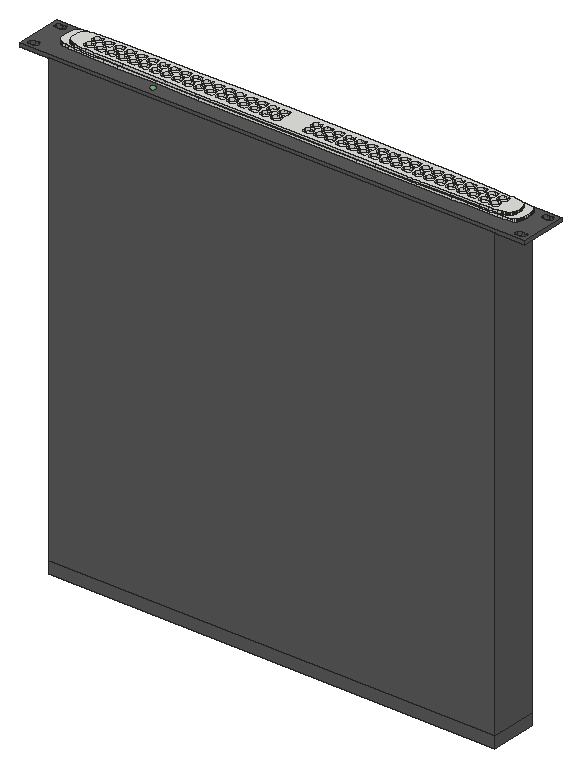
Revit family "Electronics_Messaging-Processors_Biamp_Vocia_Text-to-Speech-Engine_TTS-1__", category Communication Devices, host Face, Revit 2020 (continued)
Forms (in)
  Extrusion 5, solid, material "Biamp - Metal - Black" <- "Housing Material"
    sketch origin (9.17118, -0.875, -17.38189) x (0, 1, 0) y (-1, 0, 0)
      loop
        line (0.86056, 1.36593) -> (0.86056, 1.85805) -> (0.65584, 1.85805) -> (0.65584, 1.36593) -> (0.86056, 1.36593)
      loop
        line (0.52593, 1.85805) -> (0.3212, 1.85805) -> (0.3212, 1.36593) -> (0.52593, 1.36593) -> (0.52593, 1.85805)
      loop
        line (0.52593, 2.11396) -> (0.52593, 2.60609) -> (0.3212, 2.60609) -> (0.3212, 2.11396) -> (0.52593, 2.11396)
      loop
        line (0.65584, 2.60609) -> (0.65584, 2.11396) -> (0.86056, 2.11396) -> (0.86056, 2.60609) -> (0.65584, 2.60609)
      loop
        arc (0.20388, 3.86064) -> (0.22136, 3.81116) -> (0.26605, 3.78366) r 0.07874
        line (0.26605, 3.78366) -> (0.47471, 3.73877)
        arc (0.47471, 3.73877) -> (0.54074, 3.75449) -> (0.57001, 3.81574) r 0.07873
        line (0.57001, 3.81574) -> (0.57001, 4.32949)
        arc (0.57001, 4.32949) -> (0.54074, 4.39074) -> (0.47471, 4.40647) r 0.07873
        line (0.47471, 4.40647) -> (0.26605, 4.36157)
        arc (0.26605, 4.36157) -> (0.21992, 4.33229) -> (0.20388, 4.28005) r 0.07889
        line (0.20388, 4.28005) -> (0.20388, 3.86064)
    from 0.41339 to 0
  Revolve 6, solid, material "Biamp - Plastic - Green", detail levels fine
    sketch origin (4.50753, -0.875, 0.11811) x (1, 0, 0) y (0, 1, 0)
      loop
        line (-0.0101, 0.3288) -> (-0.16758, 0.3288)
        arc (-0.16758, 0.3288) -> (-0.08884, 0.25006) -> (-0.0101, 0.3288) r 0.07874
      axis (-0.16758, 0.3288) -> (-0.0101, 0.3288)
    angle from 180 to 360
Lines and regions (in)
  Masking region 1
    outline origin (0, 0, 0) x (1, 0, 0) y (0, 0, 1)
      loop
        line (0.76784, -17.38189) -> (17.55918, -17.38189) -> (17.55918, 0) -> (18.67118, 0) -> (18.67118, 0.11811) -> (17.86415, 0.11811) -> (17.86415, 0.19685) -> (17.54739, 0.19685) -> (17.54739, 0.27559) -> (0.79497, 0.27559) -> (0.79497, 0.19685) -> (0.47508, 0.19685) -> (0.47508, 0.11811) -> (-0.32882, 0.11811) -> (-0.32882, 0) -> (0.76784, 0) -> (0.76784, -17.38189)
  symbolic lines
    curve 1: line (-0.32882, 0, 0) -> (18.67118, 0, 0)
    curve 2: line (18.67118, 0, 0.11811) -> (-0.32882, 0, 0.11811)
    curve 3: line (17.86415, 0, 0.19685) -> (0.47508, 0, 0.19685)
    curve 4: line (17.55918, 0, -16.9685) -> (0.76784, 0, -16.9685)
Dimensions and locks (in)
  aligned and locked: plane 2 to host face
  aligned and locked: level to host face
  aligned and locked: Extrusion 2 to Extrusion 1
Automatic sketch dimensions
  host sketch curve to host sketch curve = 96.00"  (x2)
  level to Extrusion 1 sketch curve = 0.00"
  Extrusion 1 sketch curve to level = 16.9685"
  Extrusion 2 sketch curve to Extrusion 2 sketch curve = 0.12953"  (x10)
  Extrusion 2 sketch curve to Extrusion 2 sketch curve = 0.00"  (x8)
  Extrusion 2 sketch curve to Extrusion 2 sketch curve = 0.13874"  (x4)
  plane 1 "Center (Front/Back)" to Extrusion 2 sketch curve = 0.875"
  Extrusion 2 sketch curve to Extrusion 2 sketch curve = 0.11877"  (x2)
  Extrusion 2 sketch curve to Extrusion 2 sketch curve = 0.0984"  (x4)
  Extrusion 2 sketch curve to Extrusion 2 sketch curve = 0.10364"  (x4)
  Extrusion 2 sketch curve to Extrusion 2 sketch curve = 0.00634"  (x4)
  Extrusion 2 sketch curve to Extrusion 2 sketch curve = 0.00296"  (x4)
  Extrusion 2 sketch curve to Extrusion 2 sketch curve = 0.0553"  (x4)
  Extrusion 2 sketch curve to Extrusion 2 sketch curve = 0.98698"  (x2)
  Extrusion 2 sketch curve to Extrusion 2 sketch curve = 0.22273"
  Extrusion 3 sketch curve to Extrusion 3 sketch curve = 0.00144"  (x2)
  Extrusion 3 sketch curve to Extrusion 3 sketch curve = 0.00724"  (x4)
  Extrusion 3 sketch curve to Extrusion 3 sketch curve = 0.00871"  (x2)
  Extrusion 3 sketch curve to Extrusion 3 sketch curve = 0.0116"  (x2)
  Extrusion 3 sketch curve to Extrusion 3 sketch curve = 0.01304"  (x2)
  Extrusion 3 sketch curve to Extrusion 3 sketch curve = 0.01738"  (x2)
  Extrusion 3 sketch curve to Extrusion 3 sketch curve = 0.02028"  (x2)
  Extrusion 3 sketch curve to Extrusion 3 sketch curve = 0.02462"  (x2)
  Extrusion 3 sketch curve to Extrusion 3 sketch curve = 0.02755"  (x2)
  Extrusion 3 sketch curve to Extrusion 3 sketch curve = 0.1507"  (x2)
  Extrusion 3 sketch curve to Extrusion 3 sketch curve = 0.21154"  (x2)
  Extrusion 3 sketch curve to Extrusion 3 sketch curve = 0.18473"
  Extrusion 3 sketch curve to Extrusion 3 sketch curve = 0.28256"
  Extrusion 3 sketch curve to Extrusion 3 sketch curve = 0.36514"  (x2)
  Extrusion 3 sketch curve to Extrusion 3 sketch curve = 0.46078"  (x2)
  Extrusion 3 sketch curve to Extrusion 3 sketch curve = 0.56798"  (x2)
  Extrusion 3 sketch curve to Extrusion 3 sketch curve = 1.40186"
  Extrusion 3 sketch curve to Extrusion 3 sketch curve = 0.00"  (x4)
  Extrusion 3 sketch curve to Extrusion 3 sketch curve = 1.65221"
  Extrusion 3 sketch curve to Extrusion 3 sketch curve = 0.41111"
  plane 3 "Center (Left/Right)" to Extrusion 3 sketch curve = 9.17033"  (x2)
  plane 3 "Center (Left/Right)" to Extrusion 3 sketch curve = 11.89151"
  Extrusion 3 sketch curve to Extrusion 3 sketch curve = 2.06334"
  Extrusion 3 sketch curve to Extrusion 3 sketch curve = 1.49968"
  Extrusion 3 sketch curve to Extrusion 3 sketch curve = 0.56801"  (x2)
  Extrusion 3 sketch curve to Extrusion 3 sketch curve = 0.46075"  (x2)
  Extrusion 3 sketch curve to Extrusion 3 sketch curve = 0.36515"  (x2)
  Extrusion 3 sketch curve to Extrusion 3 sketch curve = 0.28258"  (x2)
  Extrusion 3 sketch curve to Extrusion 3 sketch curve = 0.21153"  (x2)
  Extrusion 3 sketch curve to Extrusion 3 sketch curve = 0.03621"  (x2)
  Extrusion 3 sketch curve to Extrusion 3 sketch curve = 0.09418"  (x2)
  Extrusion 3 sketch curve to Extrusion 3 sketch curve = 0.02753"  (x2)
  Extrusion 3 sketch curve to Extrusion 3 sketch curve = 0.02463"  (x2)
  Extrusion 3 sketch curve to Extrusion 3 sketch curve = 0.02029"  (x2)
  Extrusion 3 sketch curve to Extrusion 3 sketch curve = 0.01739"  (x2)
  Extrusion 3 sketch curve to Extrusion 3 sketch curve = 0.01305"  (x2)
  Extrusion 3 sketch curve to Extrusion 3 sketch curve = 0.01158"  (x2)
  Extrusion 3 sketch curve to Extrusion 3 sketch curve = 0.00868"  (x2)
  Extrusion 3 sketch curve to Extrusion 3 sketch curve = 0.00727"  (x2)
  Extrusion 3 sketch curve to Extrusion 3 sketch curve = 0.00719"  (x2)
  Extrusion 3 sketch curve to Extrusion 3 sketch curve = 0.00146"
  plane 1 "Center (Front/Back)" to Extrusion 3 sketch curve = 0.27464"
  Extrusion 3 sketch curve to Extrusion 3 sketch curve = 0.00578"  (x2)
  Extrusion 3 sketch curve to Extrusion 3 sketch curve = 0.00865"  (x4)
  Extrusion 3 sketch curve to Extrusion 3 sketch curve = 0.00575"  (x2)
  Extrusion 3 sketch curve to Extrusion 3 sketch curve = 0.00722"  (x4)
  Extrusion 3 sketch curve to Extrusion 3 sketch curve = 0.00864"  (x2)
  Extrusion 3 sketch curve to Extrusion 3 sketch curve = 0.01009"  (x4)
  Extrusion 3 sketch curve to Extrusion 3 sketch curve = 0.01154"  (x2)
  Extrusion 3 sketch curve to Extrusion 3 sketch curve = 0.01298"  (x4)
  Extrusion 3 sketch curve to Extrusion 3 sketch curve = 0.0072"  (x2)
  Extrusion 3 sketch curve to Extrusion 3 sketch curve = 0.04325"  (x2)
  Extrusion 3 sketch curve to Extrusion 3 sketch curve = 0.02596"
  Extrusion 3 sketch curve to Extrusion 3 sketch curve = 0.03026"  (x2)
  Extrusion 3 sketch curve to Extrusion 3 sketch curve = 0.0303"  (x2)
  Extrusion 3 sketch curve to Extrusion 3 sketch curve = 0.03459"  (x4)
  Extrusion 3 sketch curve to Extrusion 3 sketch curve = 0.0346"  (x2)
  Extrusion 3 sketch curve to Extrusion 3 sketch curve = 0.03749"  (x6)
  Extrusion 3 sketch curve to Extrusion 3 sketch curve = 0.03893"  (x4)
  Extrusion 3 sketch curve to Extrusion 3 sketch curve = 0.08219"  (x2)
  Extrusion 3 sketch curve to Extrusion 3 sketch curve = 0.08363"  (x2)
  Extrusion 3 sketch curve to Extrusion 3 sketch curve = 0.08218"  (x4)
  Extrusion 3 sketch curve to Extrusion 3 sketch curve = 0.04036"  (x2)
  Extrusion 3 sketch curve to Extrusion 3 sketch curve = 0.01796"
  Extrusion 3 sketch curve to Extrusion 3 sketch curve = 0.01807"
  Extrusion 3 sketch curve to Extrusion 3 sketch curve = 0.03461"  (x2)
  Extrusion 3 sketch curve to Extrusion 3 sketch curve = 0.03027"  (x4)
  Extrusion 3 sketch curve to Extrusion 3 sketch curve = 0.02595"  (x2)
  Extrusion 3 sketch curve to Extrusion 3 sketch curve = 0.01442"  (x2)
  Extrusion 3 sketch curve to Extrusion 3 sketch curve = 0.01152"  (x2)
  Extrusion 3 sketch curve to Extrusion 3 sketch curve = 0.01156"  (x2)
  Extrusion 3 sketch curve to Extrusion 3 sketch curve = 0.00576"  (x2)
  Extrusion 3 sketch curve to Extrusion 3 sketch curve = 1.12891"  (x2)
  Extrusion 3 sketch curve to Extrusion 3 sketch curve = 1.1419"
  plane 3 "Center (Left/Right)" to Extrusion 4 sketch curve = 9.17118"  (x2)
  plane 3 "Center (Left/Right)" to Extrusion 4 sketch curve = 8.73343"
  Extrusion 4 sketch curve to Extrusion 4 sketch curve = 0.00022"  (x2)
  Extrusion 4 sketch curve to Extrusion 4 sketch curve = 0.13386"  (x116)
  Extrusion 4 sketch curve to Extrusion 4 sketch curve = 0.00"  (x89)
  Extrusion 4 sketch curve to Extrusion 4 sketch curve = 0.09312"
  Extrusion 4 sketch curve to Extrusion 4 sketch curve = 0.09335"  (x2)
  Extrusion 4 sketch curve to Extrusion 4 sketch curve = 0.04533"
  Extrusion 4 sketch curve to Extrusion 4 sketch curve = 0.05533"  (x2)
  Extrusion 4 sketch curve to Extrusion 4 sketch curve = 0.00935"
  Extrusion 4 sketch curve to Extrusion 4 sketch curve = 0.00065"
  Extrusion 4 sketch curve to Extrusion 4 sketch curve = 0.09388"
  Extrusion 4 sketch curve to Extrusion 4 sketch curve = 0.09452"
  Extrusion 4 sketch curve to Extrusion 4 sketch curve = 0.05148"
  Extrusion 4 sketch curve to Extrusion 4 sketch curve = 0.05081"
  Extrusion 4 sketch curve to Extrusion 4 sketch curve = 0.00078"
  Extrusion 4 sketch curve to Extrusion 4 sketch curve = 0.09269"
  Extrusion 4 sketch curve to Extrusion 4 sketch curve = 0.09347"
  Extrusion 4 sketch curve to Extrusion 4 sketch curve = 0.01"
  Extrusion 4 sketch curve to Extrusion 4 sketch curve = 0.05421"
  Extrusion 4 sketch curve to Extrusion 4 sketch curve = 0.13326"  (x2)
  Extrusion 4 sketch curve to Extrusion 4 sketch curve = 0.00004"
  Extrusion 4 sketch curve to Extrusion 4 sketch curve = 0.00943"
  Extrusion 4 sketch curve to Extrusion 4 sketch curve = 0.09172"
  Extrusion 4 sketch curve to Extrusion 4 sketch curve = 0.09316"
  Extrusion 4 sketch curve to Extrusion 4 sketch curve = 0.09343"
  Extrusion 4 sketch curve to Extrusion 4 sketch curve = 0.01115"  (x2)
  Extrusion 4 sketch curve to Extrusion 4 sketch curve = 0.13578"
  Extrusion 4 sketch curve to Extrusion 4 sketch curve = 0.05177"  (x2)
  Extrusion 4 sketch curve to Extrusion 4 sketch curve = 0.1331"
  Extrusion 4 sketch curve to Extrusion 4 sketch curve = 0.00114"
  Extrusion 4 sketch curve to Extrusion 4 sketch curve = 0.01003"
  Extrusion 4 sketch curve to Extrusion 4 sketch curve = 0.09252"
  Extrusion 4 sketch curve to Extrusion 4 sketch curve = 0.0937"
  Extrusion 4 sketch curve to Extrusion 4 sketch curve = 0.00967"
  Extrusion 4 sketch curve to Extrusion 4 sketch curve = 0.09333"  (x34)
  Extrusion 4 sketch curve to Extrusion 4 sketch curve = 0.13431"
  Extrusion 4 sketch curve to Extrusion 4 sketch curve = 0.0511"
  Extrusion 4 sketch curve to Extrusion 4 sketch curve = 0.04803"
  Extrusion 4 sketch curve to Extrusion 4 sketch curve = 0.2779"
  Extrusion 4 sketch curve to Extrusion 4 sketch curve = 0.1339"  (x28)
  Extrusion 4 sketch curve to Extrusion 4 sketch curve = 0.00615"  (x15)
  Extrusion 4 sketch curve to Extrusion 4 sketch curve = 0.05205"  (x2)
  Extrusion 4 sketch curve to Extrusion 4 sketch curve = 0.05496"  (x2)
  Extrusion 4 sketch curve to Extrusion 4 sketch curve = 0.25508"
  Extrusion 4 sketch curve to Extrusion 4 sketch curve = 0.05172"  (x2)
  Extrusion 4 sketch curve to Extrusion 4 sketch curve = 0.04884"  (x2)
  Extrusion 4 sketch curve to Extrusion 4 sketch curve = 0.01294"
  Extrusion 4 sketch curve to Extrusion 4 sketch curve = 0.0515"  (x2)
  Extrusion 4 sketch curve to Extrusion 4 sketch curve = 0.19734"
  Extrusion 4 sketch curve to Extrusion 4 sketch curve = 0.04387"
  Extrusion 4 sketch curve to Extrusion 4 sketch curve = 0.05487"  (x3)
  Extrusion 4 sketch curve to Extrusion 4 sketch curve = 0.23995"  (x2)
  Extrusion 4 sketch curve to Extrusion 4 sketch curve = 0.05197"  (x2)
  Extrusion 4 sketch curve to Extrusion 4 sketch curve = 0.23583"
  Extrusion 4 sketch curve to Extrusion 4 sketch curve = 0.08929"
  Extrusion 4 sketch curve to Extrusion 4 sketch curve = 0.04872"
  Extrusion 4 sketch curve to Extrusion 4 sketch curve = 0.05179"
  Extrusion 4 sketch curve to Extrusion 4 sketch curve = 0.00923"  (x8)
  Extrusion 4 sketch curve to Extrusion 4 sketch curve = 0.14725"
  Extrusion 4 sketch curve to Extrusion 4 sketch curve = 0.05155"  (x2)
  Extrusion 4 sketch curve to Extrusion 4 sketch curve = 0.05527"  (x2)
  Extrusion 4 sketch curve to Extrusion 4 sketch curve = 0.05215"  (x2)
  Extrusion 4 sketch curve to Extrusion 4 sketch curve = 0.2366"
  Extrusion 4 sketch curve to Extrusion 4 sketch curve = 0.08331"
  Extrusion 4 sketch curve to Extrusion 4 sketch curve = 0.08862"
  Extrusion 4 sketch curve to Extrusion 4 sketch curve = 0.05515"
  Extrusion 4 sketch curve to Extrusion 4 sketch curve = 0.04593"
  Extrusion 4 sketch curve to Extrusion 4 sketch curve = 0.12594"
  Extrusion 4 sketch curve to Extrusion 4 sketch curve = 0.00795"
  Extrusion 4 sketch curve to Extrusion 4 sketch curve = 0.0195"
  Extrusion 4 sketch curve to Extrusion 4 sketch curve = 0.03703"
  Extrusion 4 sketch curve to Extrusion 4 sketch curve = 0.10163"
  Extrusion 4 sketch curve to Extrusion 4 sketch curve = 0.18991"  (x2)
  Extrusion 4 sketch curve to Extrusion 4 sketch curve = 0.13108"  (x2)
  Extrusion 4 sketch curve to Extrusion 4 sketch curve = 0.07294"  (x2)
  Extrusion 4 sketch curve to Extrusion 4 sketch curve = 0.11351"  (x2)
  Extrusion 4 sketch curve to Extrusion 4 sketch curve = 0.06319"  (x2)
  Extrusion 4 sketch curve to Extrusion 4 sketch curve = 0.04573"  (x2)
  Extrusion 4 sketch curve to Extrusion 4 sketch curve = 0.03598"  (x2)
  Extrusion 4 sketch curve to Extrusion 4 sketch curve = 0.04401"  (x2)
  Extrusion 4 sketch curve to Extrusion 4 sketch curve = 0.0597"  (x2)
  Extrusion 4 sketch curve to Extrusion 4 sketch curve = 0.03706"  (x2)
  Extrusion 4 sketch curve to Extrusion 4 sketch curve = 0.0375"  (x2)
  Extrusion 4 sketch curve to Extrusion 4 sketch curve = 0.0431"  (x2)
  Extrusion 4 sketch curve to Extrusion 4 sketch curve = 0.0359"  (x2)
  Extrusion 4 sketch curve to Extrusion 4 sketch curve = 0.03764"  (x2)
  Extrusion 4 sketch curve to Extrusion 4 sketch curve = 0.02844"  (x2)
  Extrusion 4 sketch curve to Extrusion 4 sketch curve = 0.03026"  (x2)
  Extrusion 4 sketch curve to Extrusion 4 sketch curve = 0.02409"  (x2)
  Extrusion 4 sketch curve to Extrusion 4 sketch curve = 0.02633"  (x2)
  Extrusion 4 sketch curve to Extrusion 4 sketch curve = 0.02155"  (x2)
  Extrusion 4 sketch curve to Extrusion 4 sketch curve = 0.02134"  (x2)
  Extrusion 4 sketch curve to Extrusion 4 sketch curve = 0.01688"  (x2)
  Extrusion 4 sketch curve to Extrusion 4 sketch curve = 0.01707"  (x2)
  Extrusion 4 sketch curve to Extrusion 4 sketch curve = 0.01442"  (x2)
  Extrusion 4 sketch curve to Extrusion 4 sketch curve = 0.01201"  (x2)
  Extrusion 4 sketch curve to Extrusion 4 sketch curve = 0.01477"  (x2)
  Extrusion 4 sketch curve to Extrusion 4 sketch curve = 0.00937"  (x2)
  Extrusion 4 sketch curve to Extrusion 4 sketch curve = 0.00689"  (x2)
  Extrusion 4 sketch curve to Extrusion 4 sketch curve = 0.00767"  (x2)
  plane 3 "Center (Left/Right)" to Extrusion 4 sketch curve = 9.59406"
  Extrusion 4 sketch curve to Extrusion 4 sketch curve = 0.0445"
  Extrusion 4 sketch curve to Extrusion 4 sketch curve = 0.05372"
  Extrusion 4 sketch curve to Extrusion 4 sketch curve = 0.09369"  (x11)
  Extrusion 4 sketch curve to Extrusion 4 sketch curve = 0.05169"  (x7)
  Extrusion 4 sketch curve to Extrusion 4 sketch curve = 0.09357"  (x9)
  Extrusion 4 sketch curve to Extrusion 4 sketch curve = 0.0928"  (x2)
  Extrusion 4 sketch curve to Extrusion 4 sketch curve = 0.0096"
  Extrusion 4 sketch curve to Extrusion 4 sketch curve = 0.05564"  (x5)
  Extrusion 4 sketch curve to Extrusion 4 sketch curve = 0.05641"  (x2)
  Extrusion 4 sketch curve to Extrusion 4 sketch curve = 0.0923"  (x6)
  Extrusion 4 sketch curve to Extrusion 4 sketch curve = 0.09268"  (x4)
  Extrusion 4 sketch curve to Extrusion 4 sketch curve = 0.00961"
  Extrusion 4 sketch curve to Extrusion 4 sketch curve = 0.05282"  (x4)
  Extrusion 4 sketch curve to Extrusion 4 sketch curve = 0.05167"  (x3)
  Extrusion 4 sketch curve to Extrusion 4 sketch curve = 0.00846"
  Extrusion 4 sketch curve to Extrusion 4 sketch curve = 0.0908"
  Extrusion 4 sketch curve to Extrusion 4 sketch curve = 0.09204"  (x5)
  Extrusion 4 sketch curve to Extrusion 4 sketch curve = 0.09319"  (x5)
  Extrusion 4 sketch curve to Extrusion 4 sketch curve = 0.00159"
  Extrusion 4 sketch curve to Extrusion 4 sketch curve = 0.1351"
  Extrusion 4 sketch curve to Extrusion 4 sketch curve = 0.13227"
  Extrusion 4 sketch curve to Extrusion 4 sketch curve = 0.05189"
  Extrusion 4 sketch curve to Extrusion 4 sketch curve = 0.04843"
  Extrusion 4 sketch curve to Extrusion 4 sketch curve = 0.11769"
  Extrusion 4 sketch curve to Extrusion 4 sketch curve = 0.26431"
  Extrusion 4 sketch curve to Extrusion 4 sketch curve = 0.00654"  (x3)
  Extrusion 4 sketch curve to Extrusion 4 sketch curve = 0.00538"  (x3)
  Extrusion 4 sketch curve to Extrusion 4 sketch curve = 0.04927"
  Extrusion 4 sketch curve to Extrusion 4 sketch curve = 0.04888"
  Extrusion 4 sketch curve to Extrusion 4 sketch curve = 0.03471"
  Extrusion 4 sketch curve to Extrusion 4 sketch curve = 0.20645"
  Extrusion 4 sketch curve to Extrusion 4 sketch curve = 0.06514"
  Extrusion 4 sketch curve to Extrusion 4 sketch curve = 0.25718"
  Extrusion 4 sketch curve to Extrusion 4 sketch curve = 0.11112"
  Extrusion 4 sketch curve to Extrusion 4 sketch curve = 0.04662"
  Extrusion 4 sketch curve to Extrusion 4 sketch curve = 0.04931"
  Extrusion 4 sketch curve to Extrusion 4 sketch curve = 0.1061"
  Extrusion 4 sketch curve to Extrusion 4 sketch curve = 0.14308"
  Extrusion 4 sketch curve to Extrusion 4 sketch curve = 0.05323"
  Extrusion 4 sketch curve to Extrusion 4 sketch curve = 0.01077"  (x2)
  Extrusion 4 sketch curve to Extrusion 4 sketch curve = 0.01153"
  Extrusion 4 sketch curve to Extrusion 4 sketch curve = 0.09434"
  Extrusion 4 sketch curve to Extrusion 4 sketch curve = 0.05243"
  Extrusion 4 sketch curve to Extrusion 4 sketch curve = 0.07699"
  Extrusion 4 sketch curve to Extrusion 4 sketch curve = 0.05687"
  Extrusion 4 sketch curve to Extrusion 4 sketch curve = 0.01269"
  Extrusion 4 sketch curve to Extrusion 4 sketch curve = 0.00111"
  Extrusion 4 sketch curve to Extrusion 4 sketch curve = 0.04502"
  Extrusion 4 sketch curve to Extrusion 4 sketch curve = 0.05771"
  Extrusion 4 sketch curve to Extrusion 4 sketch curve = 0.00803"
  Extrusion 4 sketch curve to Extrusion 4 sketch curve = 0.03549"
  Extrusion 4 sketch curve to Extrusion 4 sketch curve = 0.09358"
  Extrusion 4 sketch curve to Extrusion 4 sketch curve = 0.05316"
  Extrusion 4 sketch curve to Extrusion 4 sketch curve = 0.11738"
  plane 1 "Center (Front/Back)" to Extrusion 4 sketch curve = 0.22893"
  Extrusion 4 sketch curve to Extrusion 4 sketch curve = 0.0116"  (x2)
  Extrusion 4 sketch curve to Extrusion 4 sketch curve = 0.01573"  (x2)
  Extrusion 4 sketch curve to Extrusion 4 sketch curve = 0.02523"  (x2)
  Extrusion 4 sketch curve to Extrusion 4 sketch curve = 0.01036"  (x2)
  Extrusion 4 sketch curve to Extrusion 4 sketch curve = 0.00618"  (x2)
  Extrusion 4 sketch curve to Extrusion 4 sketch curve = 0.01661"  (x2)
  Extrusion 4 sketch curve to Extrusion 4 sketch curve = 0.01595"  (x2)
  Extrusion 4 sketch curve to Extrusion 4 sketch curve = 0.00889"  (x2)
  Extrusion 4 sketch curve to Extrusion 4 sketch curve = 0.01016"  (x2)
  Extrusion 4 sketch curve to Extrusion 4 sketch curve = 0.01063"  (x2)
  Extrusion 4 sketch curve to Extrusion 4 sketch curve = 0.0144"  (x2)
  Extrusion 4 sketch curve to Extrusion 4 sketch curve = 0.01674"  (x2)
  Extrusion 4 sketch curve to Extrusion 4 sketch curve = 0.16258"  (x2)
  Extrusion 4 sketch curve to Extrusion 4 sketch curve = 0.17418"  (x2)
  Extrusion 4 sketch curve to Extrusion 4 sketch curve = 0.14685"  (x3)
  Extrusion 4 sketch curve to Extrusion 4 sketch curve = 0.12162"  (x2)
  Extrusion 4 sketch curve to Extrusion 4 sketch curve = 0.10508"  (x2)
  Extrusion 4 sketch curve to Extrusion 4 sketch curve = 0.13321"  (x2)
  Extrusion 4 sketch curve to Extrusion 4 sketch curve = 0.01847"  (x2)
  Extrusion 4 sketch curve to Extrusion 4 sketch curve = 0.02021"  (x2)
  Extrusion 4 sketch curve to Extrusion 4 sketch curve = 0.02479"  (x2)
  Extrusion 4 sketch curve to Extrusion 4 sketch curve = 0.02723"  (x2)
  Extrusion 4 sketch curve to Extrusion 4 sketch curve = 0.03092"  (x2)
  Extrusion 4 sketch curve to Extrusion 4 sketch curve = 0.04058"  (x2)
  Extrusion 4 sketch curve to Extrusion 4 sketch curve = 0.04327"
  Extrusion 4 sketch curve to Extrusion 4 sketch curve = 0.04557"
  Extrusion 4 sketch curve to Extrusion 4 sketch curve = 0.04642"  (x29)
  Extrusion 4 sketch curve to Extrusion 4 sketch curve = 0.04649"  (x37)
  Extrusion 4 sketch curve to Extrusion 4 sketch curve = 0.04547"
  Extrusion 4 sketch curve to Extrusion 4 sketch curve = 0.03066"  (x2)
  Extrusion 4 sketch curve to Extrusion 4 sketch curve = 0.04634"  (x2)
  Extrusion 4 sketch curve to Extrusion 4 sketch curve = 0.03321"  (x2)
  Extrusion 4 sketch curve to Extrusion 4 sketch curve = 0.05308"  (x2)
  Extrusion 4 sketch curve to Extrusion 4 sketch curve = 0.08363"  (x2)
  Extrusion 4 sketch curve to Extrusion 4 sketch curve = 0.06047"  (x2)
  Extrusion 4 sketch curve to Extrusion 4 sketch curve = 0.06134"  (x33)
  Extrusion 4 sketch curve to Extrusion 4 sketch curve = 0.0611"
  Extrusion 4 sketch curve to Extrusion 4 sketch curve = 0.03302"  (x2)
  Extrusion 4 sketch curve to Extrusion 4 sketch curve = 0.05432"  (x2)
  Extrusion 4 sketch curve to Extrusion 4 sketch curve = 0.04567"  (x2)
  Extrusion 4 sketch curve to Extrusion 4 sketch curve = 0.03413"  (x2)
  Extrusion 4 sketch curve to Extrusion 4 sketch curve = 0.04714"
  Extrusion 4 sketch curve to Extrusion 4 sketch curve = 0.07009"  (x2)
  Extrusion 4 sketch curve to Extrusion 4 sketch curve = 0.03232"  (x2)
  Extrusion 4 sketch curve to Extrusion 4 sketch curve = 0.02956"  (x2)
  Extrusion 4 sketch curve to Extrusion 4 sketch curve = 0.02624"  (x2)
  Extrusion 4 sketch curve to Extrusion 4 sketch curve = 0.0248"  (x2)
  Extrusion 4 sketch curve to Extrusion 4 sketch curve = 0.02041"  (x2)
  Extrusion 4 sketch curve to Extrusion 4 sketch curve = 0.01918"  (x2)
  Extrusion 4 sketch curve to Extrusion 4 sketch curve = 0.01741"  (x2)
  Extrusion 4 sketch curve to Extrusion 4 sketch curve = 0.01712"  (x2)
  Extrusion 4 sketch curve to Extrusion 4 sketch curve = 0.00714"  (x2)
  Extrusion 4 sketch curve to Extrusion 4 sketch curve = 0.0106"  (x2)
  Extrusion 4 sketch curve to Extrusion 4 sketch curve = 0.00896"  (x2)
  Extrusion 4 sketch curve to Extrusion 4 sketch curve = 0.00982"  (x2)
  Extrusion 4 sketch curve to Extrusion 4 sketch curve = 0.12723"  (x2)
  Extrusion 4 sketch curve to Extrusion 4 sketch curve = 0.14181"  (x2)
  Extrusion 4 sketch curve to Extrusion 4 sketch curve = 0.17236"  (x2)
  Extrusion 4 sketch curve to Extrusion 4 sketch curve = 0.17643"  (x2)
  Extrusion 4 sketch curve to Extrusion 4 sketch curve = 0.18174"  (x2)
  Extrusion 4 sketch curve to Extrusion 4 sketch curve = 0.18417"  (x2)
  Extrusion 4 sketch curve to Extrusion 4 sketch curve = 0.18629"  (x2)
  Extrusion 4 sketch curve to Extrusion 4 sketch curve = 0.32829"
  plane 1 "Center (Front/Back)" to Extrusion 5 sketch curve = 0.875"
  Extrusion 5 sketch curve to Extrusion 5 sketch curve = 0.20388"
  Extrusion 5 sketch curve to Extrusion 5 sketch curve = 0.24522"
  plane 3 "Center (Left/Right)" to Extrusion 5 sketch curve = 5.38751"
  Extrusion 5 sketch curve to Extrusion 5 sketch curve = 0.06217"  (x2)
  Extrusion 5 sketch curve to Extrusion 5 sketch curve = 0.07874"
  Extrusion 5 sketch curve to Extrusion 5 sketch curve = 0.07877"
  plane 3 "Center (Left/Right)" to Extrusion 5 sketch curve = 8.76292"
  Extrusion 5 sketch curve to Extrusion 5 sketch curve = 0.03624"
  Extrusion 5 sketch curve to Extrusion 5 sketch curve = 0.01891"
  Extrusion 5 sketch curve to Extrusion 5 sketch curve = 0.00"  (x10)
  Extrusion 5 sketch curve to Extrusion 5 sketch curve = 0.09755"
  Extrusion 5 sketch curve to Extrusion 5 sketch curve = 0.07482"
  plane 3 "Center (Left/Right)" to Extrusion 5 sketch curve = 8.29344"  (x2)
  Extrusion 5 sketch curve to Extrusion 5 sketch curve = 0.09281"  (x2)
  plane 3 "Center (Left/Right)" to Extrusion 5 sketch curve = 8.84462"  (x2)
  plane 3 "Center (Left/Right)" to Extrusion 5 sketch curve = 12.88306"
  Extrusion 5 sketch curve to Extrusion 5 sketch curve = 0.08588"  (x2)
  plane 3 "Center (Left/Right)" to Extrusion 5 sketch curve = 12.21958"
  Extrusion 5 sketch curve to Extrusion 5 sketch curve = 0.01805"  (x3)
  Extrusion 5 sketch curve to Extrusion 5 sketch curve = 0.10393"
  plane 3 "Center (Left/Right)" to Extrusion 5 sketch curve = 5.43241"
  Extrusion 5 sketch curve to Extrusion 5 sketch curve = 0.20866"  (x2)
  Extrusion 5 sketch curve to Extrusion 5 sketch curve = 0.08633"
  Extrusion 5 sketch curve to Extrusion 5 sketch curve = 0.01656"  (x2)
  Extrusion 5 sketch curve to Extrusion 5 sketch curve = 0.20473"  (x4)
  plane 3 "Center (Left/Right)" to Extrusion 5 sketch curve = 12.90461"
  Extrusion 5 sketch curve to Extrusion 5 sketch curve = 0.12223"  (x2)
  plane 3 "Center (Left/Right)" to Extrusion 5 sketch curve = 12.19803"
  Extrusion 5 sketch curve to Extrusion 5 sketch curve = 0.07873"
  Extrusion 5 sketch curve to Extrusion 5 sketch curve = 0.12991"  (x2)
  Extrusion 5 sketch curve to Extrusion 5 sketch curve = 0.10394"
  Extrusion 5 sketch curve to Extrusion 5 sketch curve = 0.38387"
  Extrusion 5 sketch curve to Extrusion 5 sketch curve = 0.29329"
  Extrusion 5 sketch curve to Extrusion 5 sketch curve = 0.09527"
  Extrusion 5 sketch curve to Extrusion 5 sketch curve = 0.09529"
  Extrusion 5 sketch curve to Extrusion 5 sketch curve = 0.08386"
  Extrusion 5 sketch curve to Extrusion 5 sketch curve = 1.20076"
  Extrusion 5 sketch curve to Extrusion 5 sketch curve = 0.30402"
  Extrusion 5 sketch curve to Extrusion 5 sketch curve = 0.94489"
  Extrusion 5 sketch curve to Extrusion 5 sketch curve = 0.52812"
  Extrusion 5 sketch curve to Extrusion 5 sketch curve = 0.47047"  (x3)
  Extrusion 5 sketch curve to Extrusion 5 sketch curve = 0.07952"  (x2)
  Extrusion 5 sketch curve to Extrusion 5 sketch curve = 0.27874"
  plane 3 "Center (Left/Right)" to Extrusion 5 sketch curve = 9.37179"
  Extrusion 5 sketch curve to Extrusion 5 sketch curve = 0.08189"
  Extrusion 5 sketch curve to Extrusion 5 sketch curve = 0.08187"
  Extrusion 5 sketch curve to Extrusion 5 sketch curve = 0.0817"
  Extrusion 5 sketch curve to Extrusion 5 sketch curve = 0.4882"
  Extrusion 5 sketch curve to Extrusion 5 sketch curve = 0.49212"
  Extrusion 5 sketch curve to Extrusion 5 sketch curve = 0.25591"  (x2)
  Extrusion 5 sketch curve to Extrusion 5 sketch curve = 0.49213"
  Extrusion 5 sketch curve to Extrusion 5 sketch curve = 0.08152"
  plane 3 "Center (Left/Right)" to Extrusion 1 sketch curve = 0.76784"
  plane 3 "Center (Left/Right)" to Extrusion 2 sketch curve = 0.1989"
  Extrusion 2 sketch curve to Extrusion 2 sketch curve = 0.12992"
  Extrusion 3 sketch curve to Extrusion 3 sketch curve = 2.82044"
  Extrusion 3 sketch curve to Extrusion 3 sketch curve = 0.09783"
  Extrusion 3 sketch curve to Extrusion 3 sketch curve = 0.0943"
  Extrusion 3 sketch curve to Extrusion 3 sketch curve = 0.10143"  (x4)
  Extrusion 3 sketch curve to Extrusion 3 sketch curve = 0.01913"
  Extrusion 3 sketch curve to Extrusion 3 sketch curve = 0.03622"  (x2)
  Extrusion 3 sketch curve to plane 1 "Center (Front/Back)" = 0.73172"
  Extrusion 4 sketch curve to Extrusion 4 sketch curve = 0.03159"
  Extrusion 4 sketch curve to Extrusion 4 sketch curve = 0.00936"  (x2)
  Extrusion 4 sketch curve to Extrusion 4 sketch curve = 0.00479"
  Extrusion 4 sketch curve to Extrusion 4 sketch curve = 0.00723"  (x2)
  Extrusion 5 sketch curve to Extrusion 5 sketch curve = 0.41941"
  Extrusion 5 sketch curve to Extrusion 5 sketch curve = 0.04505"
  Extrusion 5 sketch curve to Extrusion 5 sketch curve = 3.99687"
  plane 3 "Center (Left/Right)" to Extrusion 1 sketch curve = 17.55918"
  plane 3 "Center (Left/Right)" to Extrusion 2 sketch curve = 18.14632"
  Extrusion 2 sketch curve to Extrusion 2 sketch curve = 0.12705"
  Extrusion 3 sketch curve to Extrusion 3 sketch curve = 0.15069"  (x2)
  Extrusion 3 sketch curve to Extrusion 3 sketch curve = 0.09427"
  Extrusion 3 sketch curve to Extrusion 3 sketch curve = 0.11118"
  Extrusion 4 sketch curve to Extrusion 4 sketch curve = 0.01748"
  Extrusion 4 sketch curve to Extrusion 4 sketch curve = 0.00144"
  Extrusion 5 sketch curve to Extrusion 5 sketch curve = 2.44984"
  Extrusion 5 sketch curve to Extrusion 5 sketch curve = 1.25985"
  Masking region 1 sketch curve to level = 0.00"  (x2)
  level to Masking region 1 sketch curve = 0.11811"  (x2)
  Masking region 1 sketch curve to plane 3 "Center (Left/Right)" = 0.32882"
  level to Masking region 1 sketch curve = 0.19685"
  plane 3 "Center (Left/Right)" to Masking region 1 sketch curve = 0.47508"
  Masking region 1 sketch curve to Masking region 1 sketch curve = 0.29276"
  Masking region 1 sketch curve to Masking region 1 sketch curve = 0.02712"
  level to Masking region 1 sketch curve = 0.27559"
  plane 4 to Masking region 1 sketch curve = 0.79783"
  Masking region 1 sketch curve to Masking region 1 sketch curve = 0.0118"
  Masking region 1 sketch curve to Masking region 1 sketch curve = 0.31676"
  Masking region 1 sketch curve to plane 4 = 0.32596"
  Masking region 1 sketch curve to Masking region 1 sketch curve = 0.07874"
  Masking region 1 sketch curve to level = 17.38189"
  plane 6 to Revolve 6 sketch curve = 0.07874"  (x2)
  plane 3 "Center (Left/Right)" to Revolve 6 sketch curve = 4.33995"
  Revolve 6 sketch curve to Revolve 6 sketch curve = 0.07874"
  Revolve 6 sketch curve to Revolve 6 sketch curve = 0.00"
  Revolve 6 sketch curve to Revolve 6 sketch curve = 0.28055"
Connectors (in)
  electrical at (15.82689, -0.0294, -16.9685), driven by "Number of Poles", driven by "Voltage", driven by "Apparent Load", driven by "Power Factor", driven by "Connector Description"
    settings: on Extrusion 5, index 1, voltage 120 V, apparent load 0 VA, apparent load phase1 300 VA, apparent load phase2 0 VA, apparent load phase3 0 VA, power factor 1, load classification "Other", number of poles 1, system type 31, power factor state 1, is connector primary yes, connector utility no, sub classification motor no, connector description "100-240VAC 50/60Hz"
  electrical at (12.55132, -0.37621, -16.9685)
    settings: on Extrusion 5, index 2, voltage 0 V, apparent load 0 VA, apparent load phase1 0 VA, apparent load phase2 0 VA, apparent load phase3 0 VA, power factor 1, load classification "Other", number of poles 1, system type 5, power factor state 1, is connector primary no, connector utility no, sub classification motor no, connector description "RS232"
  electrical at (11.45622, -0.30596, -16.9685)
    settings: on Extrusion 5, index 3, voltage 0 V, apparent load 0 VA, apparent load phase1 0 VA, apparent load phase2 0 VA, apparent load phase3 0 VA, power factor 1, load classification "Other", number of poles 1, system type 5, power factor state 1, is connector primary no, connector utility no, sub classification motor no, connector description "RJ-45; LAN1 Control"
  electrical at (10.90623, -0.30596, -16.9685)
    settings: on Extrusion 5, index 4, voltage 0 V, apparent load 0 VA, apparent load phase1 0 VA, apparent load phase2 0 VA, apparent load phase3 0 VA, power factor 1, load classification "Other", number of poles 1, system type 5, power factor state 1, is connector primary no, connector utility no, sub classification motor no, connector description "RJ-45; LAN2 CobraNet"
  electrical at (10.15702, -0.30596, -16.9685)
    settings: on Extrusion 5, index 5, voltage 0 V, apparent load 0 VA, apparent load phase1 0 VA, apparent load phase2 0 VA, apparent load phase3 0 VA, power factor 1, load classification "Other", number of poles 1, system type 5, power factor state 1, is connector primary no, connector utility no, sub classification motor no, connector description "RJ-45; LAN3 Spare"
  electrical at (9.60702, -0.30596, -16.9685)
    settings: on Extrusion 5, index 6, voltage 0 V, apparent load 0 VA, apparent load phase1 0 VA, apparent load phase2 0 VA, apparent load phase3 0 VA, power factor 1, load classification "Other", number of poles 1, system type 5, power factor state 1, is connector primary no, connector utility no, sub classification motor no, connector description "RJ-45; LAN4 Spare"
  electrical at (8.56903, -0.48206, -16.9685)
    settings: on Extrusion 5, index 7, voltage 0 V, apparent load 0 VA, apparent load phase1 0 VA, apparent load phase2 0 VA, apparent load phase3 0 VA, power factor 1, load classification "Other", number of poles 1, system type 5, power factor state 1, is connector primary no, connector utility no, sub classification motor no, connector description "HDMI"
  electrical at (8.56903, -0.00879, -16.9685)
    settings: on Extrusion 5, index 8, voltage 0 V, apparent load 0 VA, apparent load phase1 0 VA, apparent load phase2 0 VA, apparent load phase3 0 VA, power factor 1, load classification "Other", number of poles 1, system type 5, power factor state 1, is connector primary no, connector utility no, sub classification motor no, connector description "HDMI"
  electrical at (7.55918, -0.45144, -16.9685)
    settings: on Extrusion 5, index 9, voltage 0 V, apparent load 0 VA, apparent load phase1 0 VA, apparent load phase2 0 VA, apparent load phase3 0 VA, power factor 1, load classification "Other", number of poles 1, system type 5, power factor state 1, is connector primary no, connector utility no, sub classification motor no, connector description "USB"
  electrical at (7.55918, -0.1168, -16.9685)
    settings: on Extrusion 5, index 10, voltage 0 V, apparent load 0 VA, apparent load phase1 0 VA, apparent load phase2 0 VA, apparent load phase3 0 VA, power factor 1, load classification "Other", number of poles 1, system type 5, power factor state 1, is connector primary no, connector utility no, sub classification motor no, connector description "USB"
  electrical at (6.81115, -0.1168, -16.9685)
    settings: on Extrusion 5, index 11, voltage 0 V, apparent load 0 VA, apparent load phase1 0 VA, apparent load phase2 0 VA, apparent load phase3 0 VA, power factor 1, load classification "Other", number of poles 1, system type 5, power factor state 1, is connector primary no, connector utility no, sub classification motor no, connector description "USB"
  electrical at (6.81115, -0.45144, -16.9685)
    settings: on Extrusion 5, index 12, voltage 0 V, apparent load 0 VA, apparent load phase1 0 VA, apparent load phase2 0 VA, apparent load phase3 0 VA, power factor 1, load classification "Other", number of poles 1, system type 5, power factor state 1, is connector primary no, connector utility no, sub classification motor no, connector description "USB"
  electrical at (5.09913, -0.49634, -16.9685)
    settings: on Extrusion 5, index 13, voltage 0 V, apparent load 0 VA, apparent load phase1 0 VA, apparent load phase2 0 VA, apparent load phase3 0 VA, power factor 1, load classification "Other", number of poles 1, system type 5, power factor state 1, is connector primary no, connector utility no, sub classification motor no, connector description "VGA"
Types (3): name | Product data url | Product Page URL | Product Documentation Link | Model | Description
  (no name) | "https://www.bimobject.com/biamp/product/vocia-tts-1e_messaging-processor" | "https://www.biamp.com/products/product-families/vocia/vocia-messaging-processors#vocia-tts-1e" | "https://downloads.biamp.com/assets/docs/default-source/data-sheets/biamp_data_sheet_vocia_tts-1e_may21.pdf" | "Vocia TTS-1e" | "Vocia® TTS-1e Text-to-Speech Engine"
  TTS-1e | "https://www.bimobject.com/biamp/product/vocia-tts-1e_messaging-processor" | "https://www.biamp.com/products/product-families/vocia/vocia-messaging-processors#vocia-tts-1e" | "https://downloads.biamp.com/assets/docs/default-source/data-sheets/biamp_data_sheet_vocia_tts-1e_may21.pdf" | "Vocia TTS-1e" | "Vocia® TTS-1e Text-to-Speech Engine"
  TTS-1nce | "https://www.bimobject.com/biamp/product/vocia-tts-1nce_messaging-processor" | "https://www.biamp.com/products/product-families/vocia/vocia-messaging-processors#vocia-tts-1nce" | "https://downloads.biamp.com/assets/docs/default-source/data-sheets/biamp_data_sheet_vocia_tts-1nce_may21.pdf" | "Vocia TTS-1nce" | "Vocia® TTS-1nce Text-to-Speech Engine"
